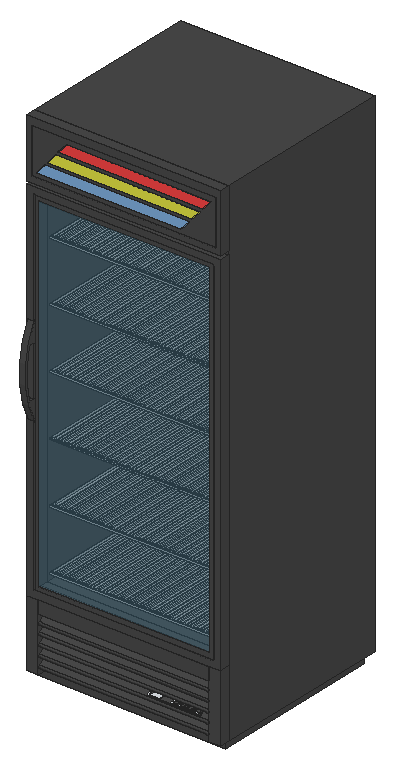
Revit family "QF_TRUE_GDM-26F-HC~TSL01", category Specialty Equipment, Revit 2016
Family settings
  Part Type = Normal
  Round Connector Dimension = Use Diameter
  Work Plane-Based = No
  Always vertical = Yes
  Cut with Voids When Loaded = No
  Shared = No
  Room Calculation Point = No
Parameters
  Weight in Pounds = 340
  Watts = if(Phase = 3, Volts * FL Amps * 1.73, Volts * FL Amps)  # 1092.5 W
  Volts = 115 V
  URL Cutsheet = ""
  Specification by User = ""
  Specification by Manufacturer = ""
  Show Logo [instance] = yes
  Show Default Legs [instance] = if(or(Show 6 Inches Standard Legs, Show 2.5 Inches Castors), or(Show 4 Inches Castors, and(Show 6 Inches Standard Legs, Show 2.5 Inches Castors), and(Show 2.5 Inches Castors, Show 6 Inches Seismic Flanged Legs)), if(Show 4 Inches Castors, Show 6 Inches Seismic Flanged Legs, not(Show 6 Inches Seismic Flanged Legs)))  # yes
  Show Clearance [instance] = yes
  Show 6 Inches Standard Legs [instance] = no
  Show 6 Inches Seismic Flanged Legs [instance] = no
  Show 4 Inches Castors [instance] = no
  Show 2.5 Inches Castors [instance] = no
  Serial Number = ""
  Seismic Rating = ""
  SMACNA No = ""
  Revision Code = ""
  Phase = 1
  Number of Poles = 1
  NAFEM Spec ID Number = ""
  Model = "GDM-26F-HC~TSL01"
  Min Ckt Ampacity = 0 A
  Max Overcurrent Protection = 0 A
  Masterspec = ""
  Manufacturer = "TRUE"
  Length = 30"
  Item Number = ""
  Installed By = ""
  Identify Quantity as Lot = yes
  Height [instance] = Body Height + Base Height  # 78 5/8"
  HP = "1"
  Furnished By = ""
  Foodservice Equipment Identifier = yes
  FL Amps = 9.5 A
  Electrical Remarks = ""
  Electric Connection Type = ""
  Elec Conn RI Height = 0"
  Elec Conn Connection Height = 0"
  Description = "SWING DOOR FREEZER WITH HYDROCARBON REFRIGERANT~TRUE STANDARD LOOK VERSION 01"
  Depth = 29 7/8"
  Cycle = 60 Hz
  Conn Plug = "NEMA 5-15P"
  Conn Conduit = yes
  CSI MasterFormat = ""
  Body Height [instance] = 78 5/16"  # constant formula
  Base Height [instance] = if(Show Default Legs, 5/16", if(Show 2.5 Inches Castors, 2 1/2", if(Show 6 Inches Standard Legs, 6", if(Show 4 Inches Castors, 4", if(Show 6 Inches Seismic Flanged Legs, 6", 5" / 16)))))  # 5/16"
  Apparent Power = if(Phase = 3, Volts * FL Amps * 1.73, Volts * FL Amps)  # 1092.5 VA
  6 Inches Standard Legs [instance] = and(Show 6 Inches Standard Legs, not(Show Default Legs))  # no
  6 Inches Seismic Flanged Legs [instance] = and(Show 6 Inches Seismic Flanged Legs, not(Show Default Legs))  # no
  4 Inches Castors [instance] = and(Show 4 Inches Castors, not(Show Default Legs))  # no
  2.5 Inches Casters [instance] = and(Show 2.5 Inches Castors, not(Show Default Legs))  # no
Reference planes (in)
  plane 1 "BACK": y = 0
  plane 2: z = 0
  plane 3 "LEFT": x = 0
  plane 4 "RIGHT": x = 30
  plane 5 "FRONT": y = -29.875
  plane 6 "TOP": z = 0.3125
  plane 7 "Center Y": x = 15
  plane 8 "Center X": y = -14.9375
  plane 9: z = 78.625
Dimensions and locks (in)
  equal spacing: plane 3 "LEFT", plane 7 "Center Y", plane 4 "RIGHT"
  "Length": plane 3 "LEFT" to plane 4 "RIGHT"
  equal spacing: plane 5 "FRONT", plane 8 "Center X", plane 1 "BACK"
  "Depth": plane 5 "FRONT" to plane 1 "BACK"
  "Base Height": plane 6 "TOP" to level
  "Body Height": plane 9 to plane 6 "TOP"
  aligned and locked: plane 2 to level
  aligned and locked: plane 6 "TOP" to nested 1
Nested families (in)
  nested 1: "GDM-26F-HC~TSL01" at (0, 0, 0), Show Clearance <- "Show Clearance", Show Logo <- "Show Logo", Show Default Legs <- "Show Default Legs", type "GDM-26F-HC~TSL01"
    with Show Logo yes, Show Default Legs yes, Show Clearance yes
  nested 2: "CASTER-LEGS" at (2.32663, -26.375, 0), Show Siesmic Flanged <- "6 Inches Seismic Flanged Legs", Show 6 Inches Legs <- "6 Inches Standard Legs", Show 4" Casters <- "4 Inches Castors", Show 2.5 Casters <- "2.5 Inches Casters", type "CASTER-LEGS"
    with Type Mark "", Status "", Specification by User "", Show Siesmic Flanged no, Show 6 Inches Legs no, Show 4" Casters no, Show 2.5 Casters no, Revision Code "", Low Profile yes, Item Number "", Installed By "", Identify Quantity as Lot yes, Furnished By "", Foodservice Equipment Identifier yes
  nested 3: "CASTER-LEGS" at (27.80099, -26.375, 0), Show Siesmic Flanged <- "6 Inches Seismic Flanged Legs", Show 6 Inches Legs <- "6 Inches Standard Legs", Show 4" Casters <- "4 Inches Castors", Show 2.5 Casters <- "2.5 Inches Casters", type "CASTER-LEGS"
    with Type Mark "", Status "", Specification by User "", Show Siesmic Flanged no, Show 6 Inches Legs no, Show 4" Casters no, Show 2.5 Casters no, Revision Code "", Low Profile yes, Item Number "", Installed By "", Identify Quantity as Lot yes, Furnished By "", Foodservice Equipment Identifier yes
  nested 4: "CASTER-LEGS" at (2.32663, -3.3125, 0), Show Siesmic Flanged <- "6 Inches Seismic Flanged Legs", Show 6 Inches Legs <- "6 Inches Standard Legs", Show 4" Casters <- "4 Inches Castors", Show 2.5 Casters <- "2.5 Inches Casters", type "CASTER-LEGS"
    with Type Mark "", Status "", Specification by User "", Show Siesmic Flanged no, Show 6 Inches Legs no, Show 4" Casters no, Show 2.5 Casters no, Revision Code "", Low Profile yes, Item Number "", Installed By "", Identify Quantity as Lot yes, Furnished By "", Foodservice Equipment Identifier yes
  nested 5: "CASTER-LEGS" at (27.80099, -3.3125, 0), Show Siesmic Flanged <- "6 Inches Seismic Flanged Legs", Show 6 Inches Legs <- "6 Inches Standard Legs", Show 4" Casters <- "4 Inches Castors", Show 2.5 Casters <- "2.5 Inches Casters", type "CASTER-LEGS"
    with Type Mark "", Status "", Specification by User "", Show Siesmic Flanged no, Show 6 Inches Legs no, Show 4" Casters no, Show 2.5 Casters no, Revision Code "", Low Profile yes, Item Number "", Installed By "", Identify Quantity as Lot yes, Furnished By "", Foodservice Equipment Identifier yes
Connectors (in)
  electrical at (23.5625, 0.32603, 5.74771), driven by "Volts", driven by "Watts"
    settings: on nested 1, index 1, voltage 115 V, apparent load 1092.5 VA, apparent load phase1 0 VA, apparent load phase2 0 VA, apparent load phase3 0 VA, power factor 1, load classification "Other", number of poles 1, system type 30, power factor state 1, is connector primary yes, connector utility no, sub classification motor no, connector description "ELECTRICAL CONNECTION"
Definition of nested family "GDM-26F-HC~TSL01"
  Parameters (values of type "GDM-26F-HC~TSL01")
    Weight in Pounds = 0
    Watts = if(Phase = 3, Volts * FL Amps * 1.73, Volts * FL Amps)  # 230 W
    Volts = 115 V
    URL Cutsheet = ""
    Specification by User = ""
    Specification by Manufacturer = ""
    Show Logo [instance] = yes
    Show Default Legs [instance] = yes
    Show Clearance [instance] = yes
    Serial Number = ""
    Seismic Rating = ""
    SMACNA No = ""
    Revision Code = ""
    Phase = 1
    Number of Poles = 1
    NAFEM Spec ID Number = ""
    Model = ""
    Min Ckt Ampacity = 0 A
    Max Overcurrent Protection = 0 A
    Materials and Finishes = none
    Masterspec = ""
    Manufacturer = ""
    Length = 30"
    Item Number = ""
    Installed By = ""
    Identify Quantity as Lot = yes
    Height = 78 5/8"
    HP = "1/4"
    Furnished By = ""
    Foodservice Equipment Identifier = yes
    FL Amps = 2 A
    Electrical Remarks = ""
    Electric Connection Type = ""
    Elec Conn RI Height = 0"
    Elec Conn Connection Height = 0"
    Description = ""
    Depth = 29 7/8"
    Cycle = 60 Hz
    Conn Plug = "5-15P"
    Conn Conduit = yes
    CSI MasterFormat = ""
    Apparent Power = if(Phase = 3, Volts * FL Amps * 1.73, Volts * FL Amps)  # 230 VA
  Reference planes (in)
    plane 1 "BACK": y = 0
    plane 2: z = 0
    plane 3 "LEFT": x = 0
    plane 4 "RIGHT": x = 30
    plane 5 "FRONT": y = -29.875
    plane 6 "TOP": z = 78.625
    plane 7 "Center Y": x = 15
    plane 8 "Center X": y = -14.9375
    plane 9: y = -31.5
    plane 10: y = -57.75
  Forms (in)
    Extrusion 1, solid, material <- "Materials and Finishes"
      sketch origin (0, -28.25, 0) x (1, 0, 0) y (0, 0, 1)
        loop
          line (0, 78.625) -> (0, 69.5094) -> (30, 69.5094) -> (30, 78.625) -> (0, 78.625)
        loop
          line (0.73362, 77.46399) -> (0.73362, 70.46399) -> (29.26638, 70.46399) -> (29.26638, 77.46399) -> (0.73362, 77.46399)
      from 1.625 to 0
    Extrusion 2, solid
      sketch origin (0, -28.25, 0) x (1, 0, 0) y (0, 0, 1)
        loop
          line (4.86851, 75.12294) -> (27.302, 75.12294) -> (28.56065, 76.62294) -> (6.12716, 76.62294) -> (4.86851, 75.12294)
      from 1.625 to 0
    Extrusion 3, solid, material <- "Materials and Finishes"
      sketch origin (0, -28.25, 0) x (1, 0, 0) y (0, 0, 1)
        loop
          line (0.73362, 77.46399) -> (0.73362, 70.46399) -> (29.26638, 70.46399) -> (29.26638, 77.46399) -> (0.73362, 77.46399)
        loop
          line (4.86851, 75.12294) -> (27.302, 75.12294) -> (28.56065, 76.62294) -> (6.12716, 76.62294) -> (4.86851, 75.12294)
        loop
          line (3.19031, 73.12294) -> (25.6238, 73.12294) -> (26.88245, 74.62294) -> (4.44896, 74.62294) -> (3.19031, 73.12294)
        loop
          line (1.51211, 71.12294) -> (23.9456, 71.12294) -> (25.20425, 72.62294) -> (2.77076, 72.62294) -> (1.51211, 71.12294)
      from 1.625 to 0
    Extrusion 4, solid
      sketch origin (0, -28.25, 0) x (1, 0, 0) y (0, 0, 1)
        loop
          line (3.19031, 73.12294) -> (25.6238, 73.12294) -> (26.88245, 74.62294) -> (4.44896, 74.62294) -> (3.19031, 73.12294)
      from 1.625 to 0
    Extrusion 5, solid
      sketch origin (0, -28.25, 0) x (1, 0, 0) y (0, 0, 1)
        loop
          line (1.51211, 71.12294) -> (23.9456, 71.12294) -> (25.20425, 72.62294) -> (2.77076, 72.62294) -> (1.51211, 71.12294)
      from 1.625 to 0
    Extrusion 6, solid, material <- "Materials and Finishes"
      sketch origin (0, -28.25, 0) x (1, 0, 0) y (0, 0, 1)
        loop
          line (0, 11.86572) -> (0, 1.46319) -> (1.73646, 1.46319) -> (1.73646, 11.86572) -> (0, 11.86572)
        loop
          line (30, 11.86572) -> (28.26354, 11.86572) -> (28.26354, 1.46319) -> (30, 1.46319) -> (30, 11.86572)
      from 0 to 1.625
    Extrusion 7, solid, material <- "Materials and Finishes"
      sketch origin (0, -28.25, 0) x (1, 0, 0) y (0, 0, 1)
        loop
          line (1.73646, 11.86572) -> (1.73646, 9.96741) -> (28.26354, 9.96741) -> (28.26354, 11.86572) -> (1.73646, 11.86572)
      from 0 to 1.625
    Extrusion 8, solid, material <- "Materials and Finishes"
      sketch origin (0, -28.25, 0) x (1, 0, 0) y (0, 0, 1)
        loop
          line (0, 11.86572) -> (30, 11.86572) -> (30, 69.0094) -> (0, 69.0094) -> (0, 11.86572)
        loop
          line (28.91281, 12.99299) -> (28.91281, 68.01433) -> (1.08719, 68.01433) -> (1.08719, 12.99299) -> (28.91281, 12.99299)
      from 1.625 to 0
    Extrusion 9, solid, material <- "Materials and Finishes"
      sketch origin (0, -28.25, 0) x (1, 0, 0) y (0, 0, 1)
        loop
          line (28.91281, 12.99299) -> (28.91281, 68.01433) -> (1.08719, 68.01433) -> (1.08719, 12.99299) -> (28.91281, 12.99299)
        loop
          line (1.79031, 67.3112) -> (1.79031, 13.69484) -> (28.20969, 13.69484) -> (28.20969, 67.3112) -> (1.79031, 67.3112)
      from 1.50681 to 0
    Extrusion 10, solid
      sketch origin (0, -29.75681, 0) x (1, 0, 0) y (0, 0, 1)
        loop
          line (1.79031, 67.3112) -> (1.79031, 13.69484) -> (28.20969, 13.69484) -> (28.20969, 67.3112) -> (1.79031, 67.3112)
      from -0.25 to 0
    Extrusion 11, solid, material <- "Materials and Finishes"
      sketch origin (0, 0, 0) x (-1, 0, 0) y (0, 0, 1)
        loop
          line (-28.91281, 12.99299) -> (-1.08719, 12.99299) -> (-1.08719, 69.5094) -> (-28.91281, 69.5094) -> (-28.91281, 12.99299)
      from 0 to -0.25
    Extrusion 12, solid, material <- "Materials and Finishes"
      sketch origin (1.73646, -28.25, 11.86572) x (0, 0, -1) y (0, 1, 0)
        loop
          line (2.03924, 0) -> (3.06492, -1.52063)
          arc (3.06492, -1.52063) -> (3.41198, -1.58809) -> (3.47944, -1.24104) r 0.25
          line (3.47944, -1.24104) -> (2.64235, 0) -> (2.03924, 0)
        loop
          line (3.54027, 0) -> (4.55915, -1.51056)
          arc (4.55915, -1.51056) -> (4.90621, -1.57802) -> (4.97367, -1.23097) r 0.25
          line (4.97367, -1.23097) -> (4.14338, 0) -> (3.54027, 0)
        loop
          line (5.05723, 0) -> (6.0793, -1.51528)
          arc (6.0793, -1.51528) -> (6.42636, -1.58275) -> (6.49382, -1.23569) r 0.25
          line (6.49382, -1.23569) -> (5.66034, 0) -> (5.05723, 0)
        loop
          line (6.57419, 0) -> (7.59444, -1.51258)
          arc (7.59444, -1.51258) -> (7.9415, -1.58004) -> (8.00896, -1.23298) r 0.25
          line (8.00896, -1.23298) -> (7.1773, 0) -> (6.57419, 0)
        loop
          line (8.09115, 0) -> (9.11232, -1.51395)
          arc (9.11232, -1.51395) -> (9.45938, -1.58141) -> (9.52684, -1.23435) r 0.25
          line (9.52684, -1.23435) -> (8.69426, 0) -> (8.09115, 0)
      from 0 to 26.52708
    Extrusion 13, solid, material <- "Materials and Finishes"
      sketch origin (0, 1.625, 0) x (1, 0, 0) y (0, 0, 1)
        loop
          line (0.39673, 0.3125) -> (29.60327, 0.3125) -> (29.60327, 1.6875) -> (0.39673, 1.6875) -> (0.39673, 0.3125)
      from 3.25 to 29.875
    Revolve 14, solid, material <- "Materials and Finishes", visible <- "Show Default Legs"
      sketch origin (0, -26.375, 0) x (1, 0, 0) y (0, 0, 1)
        loop
          line (1.38444, 0) -> (2.32663, 0) -> (2.32663, 0.3125) -> (1.38444, 0.3125) -> (1.38444, 0)
        axis (2.32663, 0) -> (2.32663, 0.3125)
      angle from 0 to 360
    Revolve 15, solid, material <- "Materials and Finishes", visible <- "Show Default Legs"
      sketch origin (0, -3.3125, 0) x (1, 0, 0) y (0, 0, -1)
        loop
          line (1.38444, 0) -> (1.38444, -0.3125) -> (2.32663, -0.3125) -> (2.32663, 0) -> (1.38444, 0)
        axis (2.32663, 0) -> (2.32663, -0.3125)
      angle from 0 to 360
    Extrusion 16, solid, material <- "Materials and Finishes"
      sketch origin (0, 0, 0) x (-1, 0, 0) y (0, 0, 1)
        loop
          circle (-23.5625, 5.74771) r 0.5
      from 0 to 0.32603
    Revolve 17, solid, material <- "Materials and Finishes", visible <- "Show Default Legs"
      sketch origin (30.12762, -26.375, 0) x (-1, 0, 0) y (0, 0, 1)
        loop
          line (1.38444, 0) -> (2.32663, 0) -> (2.32663, 0.3125) -> (1.38444, 0.3125) -> (1.38444, 0)
        axis (2.32663, 0) -> (2.32663, 0.3125)
      angle from 0 to 360
    Revolve 18, solid, material <- "Materials and Finishes", visible <- "Show Default Legs"
      sketch origin (30.12762, -3.3125, 0) x (-1, 0, 0) y (0, 0, 1)
        loop
          line (1.38444, 0) -> (2.32663, 0) -> (2.32663, 0.3125) -> (1.38444, 0.3125) -> (1.38444, 0)
        axis (2.32663, 0) -> (2.32663, 0.3125)
      angle from 0 to 360
    Extrusion 19, solid, material <- "Materials and Finishes"
      sketch origin (-21.08055, -9.07209, 2.26089) x (0, 1, 0) y (0, 0, 1)
        loop
          arc (-20.70916, 48.37123) -> (-22.42791, 41.18624) -> (-20.70916, 34.00125) r 15.87728
          line (-20.70916, 34.00125) -> (-20.70916, 37.28351) -> (-21.42204, 37.28351)
          arc (-21.42204, 37.28351) -> (-21.59429, 37.34185) -> (-21.69564, 37.49287) r 0.28347
          arc (-21.69564, 37.49287) -> (-22.19319, 41.21217) -> (-21.70658, 44.93293) r 14.30744
          arc (-21.70658, 44.93293) -> (-21.63141, 45.04547) -> (-21.50325, 45.08898) r 0.21048
          line (-21.50325, 45.08898) -> (-20.70916, 45.08898) -> (-20.70916, 48.37123)
      from 21.28857 to 22.16773
    Extrusion 20, solid, material <- "Materials and Finishes"
      sketch origin (0, 1.625, 0) x (1, 0, 0) y (0, 0, 1)
        loop
          line (0, 78.625) -> (0, 1.46319) -> (30, 1.46319) -> (30, 78.625) -> (0, 78.625)
        loop
          line (1.08719, 69.5094) -> (1.08719, 12.99299) -> (28.91281, 12.99299) -> (28.91281, 69.5094) -> (1.08719, 69.5094)
      from 1.625 to 29.875
    Extrusion 21, solid, visible <- "Show Clearance", detail levels coarse
      sketch origin (0, 0, 0) x (1, 0, 0) y (0, 1, 0)
        loop
          line (30, -29.875) -> (0, -29.875)
          arc (0, -29.875) -> (9.19119, -50.06413) -> (30, -57.75) r 28.8313
          line (30, -57.75) -> (30, -29.875)
      from 69.0094 to 11.86572
    Extrusion 22, solid
      sketch origin (-7.62016, -176.1875, 14) x (-1, 0, 0) y (0, -1, 0)
        loop
          line (-8.70735, -149.1875) -> (-36.53297, -149.1875) -> (-36.53297, -174.77646) -> (-8.70735, -174.77646) -> (-8.70735, -149.1875)
        loop
          line (-8.95735, -149.4375) -> (-36.28297, -149.4375) -> (-36.28297, -174.49934) -> (-8.95735, -174.49934) -> (-8.95735, -149.4375)
      from 0 to 0.25
    Extrusion 23, solid
      sketch origin (-0.66281, -4.875, -12.48438) x (1, 0, 0) y (0, 0, 1)
        loop
          circle (10.1875, 26.73438) r 0.125
        loop
          circle (9.6875, 26.73438) r 0.125
        loop
          circle (9.1875, 26.73438) r 0.125
        loop
          circle (8.6875, 26.73438) r 0.125
        loop
          circle (8.1875, 26.73438) r 0.125
        loop
          circle (7.6875, 26.73438) r 0.125
        loop
          circle (7.1875, 26.73438) r 0.125
        loop
          circle (6.6875, 26.73438) r 0.125
        loop
          circle (6.1875, 26.73438) r 0.125
        loop
          circle (5.6875, 26.73438) r 0.125
        loop
          circle (5.1875, 26.73438) r 0.125
        loop
          circle (4.6875, 26.73438) r 0.125
        loop
          circle (4.1875, 26.73438) r 0.125
        loop
          circle (3.6875, 26.73438) r 0.125
        loop
          circle (3.1875, 26.73438) r 0.125
        loop
          circle (2.6875, 26.73438) r 0.125
        loop
          circle (10.6875, 26.73438) r 0.125
        loop
          circle (11.1875, 26.73438) r 0.125
        loop
          circle (11.6875, 26.73438) r 0.125
        loop
          circle (12.1875, 26.73438) r 0.125
        loop
          circle (12.6875, 26.73438) r 0.125
        loop
          circle (13.1875, 26.73438) r 0.125
        loop
          circle (13.6875, 26.73438) r 0.125
        loop
          circle (14.1875, 26.73438) r 0.125
        loop
          circle (14.6875, 26.73438) r 0.125
        loop
          circle (15.1875, 26.73438) r 0.125
        loop
          circle (15.6875, 26.73438) r 0.125
        loop
          circle (16.1875, 26.73438) r 0.125
        loop
          circle (16.6875, 26.73438) r 0.125
        loop
          circle (17.1875, 26.73438) r 0.125
        loop
          circle (17.6875, 26.73438) r 0.125
        loop
          circle (18.1875, 26.73438) r 0.125
        loop
          circle (26.1875, 26.73438) r 0.125
        loop
          circle (25.6875, 26.73438) r 0.125
        loop
          circle (25.1875, 26.73438) r 0.125
        loop
          circle (24.6875, 26.73438) r 0.125
        loop
          circle (24.1875, 26.73438) r 0.125
        loop
          circle (23.6875, 26.73438) r 0.125
        loop
          circle (23.1875, 26.73438) r 0.125
        loop
          circle (22.6875, 26.73438) r 0.125
        loop
          circle (22.1875, 26.73438) r 0.125
        loop
          circle (21.6875, 26.73438) r 0.125
        loop
          circle (21.1875, 26.73438) r 0.125
        loop
          circle (20.6875, 26.73438) r 0.125
        loop
          circle (20.1875, 26.73438) r 0.125
        loop
          circle (19.6875, 26.73438) r 0.125
        loop
          circle (19.1875, 26.73438) r 0.125
        loop
          circle (18.6875, 26.73438) r 0.125
        loop
          circle (26.6875, 26.73438) r 0.125
        loop
          circle (27.1875, 26.73438) r 0.125
        loop
          circle (27.6875, 26.73438) r 0.125
        loop
          circle (28.1875, 26.73438) r 0.125
        loop
          circle (28.6875, 26.73438) r 0.125
      from -3.18684 to 21.875
    Extrusion 24, solid
      sketch origin (-7.62016, -176.1875, 23.33607) x (-1, 0, 0) y (0, -1, 0)
        loop
          line (-8.70735, -149.1875) -> (-36.53297, -149.1875) -> (-36.53297, -174.77646) -> (-8.70735, -174.77646) -> (-8.70735, -149.1875)
        loop
          line (-8.95735, -149.4375) -> (-36.28297, -149.4375) -> (-36.28297, -174.49934) -> (-8.95735, -174.49934) -> (-8.95735, -149.4375)
      from 0 to 0.25
    Extrusion 25, solid
      sketch origin (-0.66281, -4.875, -3.14831) x (1, 0, 0) y (0, 0, 1)
        loop
          circle (10.1875, 26.73438) r 0.125
        loop
          circle (9.6875, 26.73438) r 0.125
        loop
          circle (9.1875, 26.73438) r 0.125
        loop
          circle (8.6875, 26.73438) r 0.125
        loop
          circle (8.1875, 26.73438) r 0.125
        loop
          circle (7.6875, 26.73438) r 0.125
        loop
          circle (7.1875, 26.73438) r 0.125
        loop
          circle (6.6875, 26.73438) r 0.125
        loop
          circle (6.1875, 26.73438) r 0.125
        loop
          circle (5.6875, 26.73438) r 0.125
        loop
          circle (5.1875, 26.73438) r 0.125
        loop
          circle (4.6875, 26.73438) r 0.125
        loop
          circle (4.1875, 26.73438) r 0.125
        loop
          circle (3.6875, 26.73438) r 0.125
        loop
          circle (3.1875, 26.73438) r 0.125
        loop
          circle (2.6875, 26.73438) r 0.125
        loop
          circle (10.6875, 26.73438) r 0.125
        loop
          circle (11.1875, 26.73438) r 0.125
        loop
          circle (11.6875, 26.73438) r 0.125
        loop
          circle (12.1875, 26.73438) r 0.125
        loop
          circle (12.6875, 26.73438) r 0.125
        loop
          circle (13.1875, 26.73438) r 0.125
        loop
          circle (13.6875, 26.73438) r 0.125
        loop
          circle (14.1875, 26.73438) r 0.125
        loop
          circle (14.6875, 26.73438) r 0.125
        loop
          circle (15.1875, 26.73438) r 0.125
        loop
          circle (15.6875, 26.73438) r 0.125
        loop
          circle (16.1875, 26.73438) r 0.125
        loop
          circle (16.6875, 26.73438) r 0.125
        loop
          circle (17.1875, 26.73438) r 0.125
        loop
          circle (17.6875, 26.73438) r 0.125
        loop
          circle (18.1875, 26.73438) r 0.125
        loop
          circle (26.1875, 26.73438) r 0.125
        loop
          circle (25.6875, 26.73438) r 0.125
        loop
          circle (25.1875, 26.73438) r 0.125
        loop
          circle (24.6875, 26.73438) r 0.125
        loop
          circle (24.1875, 26.73438) r 0.125
        loop
          circle (23.6875, 26.73438) r 0.125
        loop
          circle (23.1875, 26.73438) r 0.125
        loop
          circle (22.6875, 26.73438) r 0.125
        loop
          circle (22.1875, 26.73438) r 0.125
        loop
          circle (21.6875, 26.73438) r 0.125
        loop
          circle (21.1875, 26.73438) r 0.125
        loop
          circle (20.6875, 26.73438) r 0.125
        loop
          circle (20.1875, 26.73438) r 0.125
        loop
          circle (19.6875, 26.73438) r 0.125
        loop
          circle (19.1875, 26.73438) r 0.125
        loop
          circle (18.6875, 26.73438) r 0.125
        loop
          circle (26.6875, 26.73438) r 0.125
        loop
          circle (27.1875, 26.73438) r 0.125
        loop
          circle (27.6875, 26.73438) r 0.125
        loop
          circle (28.1875, 26.73438) r 0.125
        loop
          circle (28.6875, 26.73438) r 0.125
      from -3.18684 to 21.875
    Extrusion 26, solid
      sketch origin (-7.62016, -176.1875, 32.67214) x (-1, 0, 0) y (0, -1, 0)
        loop
          line (-8.70735, -149.1875) -> (-36.53297, -149.1875) -> (-36.53297, -174.77646) -> (-8.70735, -174.77646) -> (-8.70735, -149.1875)
        loop
          line (-8.95735, -149.4375) -> (-36.28297, -149.4375) -> (-36.28297, -174.49934) -> (-8.95735, -174.49934) -> (-8.95735, -149.4375)
      from 0 to 0.25
    Extrusion 27, solid
      sketch origin (-0.66281, -4.875, 6.18776) x (1, 0, 0) y (0, 0, 1)
        loop
          circle (10.1875, 26.73438) r 0.125
        loop
          circle (9.6875, 26.73438) r 0.125
        loop
          circle (9.1875, 26.73438) r 0.125
        loop
          circle (8.6875, 26.73438) r 0.125
        loop
          circle (8.1875, 26.73438) r 0.125
        loop
          circle (7.6875, 26.73438) r 0.125
        loop
          circle (7.1875, 26.73438) r 0.125
        loop
          circle (6.6875, 26.73438) r 0.125
        loop
          circle (6.1875, 26.73438) r 0.125
        loop
          circle (5.6875, 26.73438) r 0.125
        loop
          circle (5.1875, 26.73438) r 0.125
        loop
          circle (4.6875, 26.73438) r 0.125
        loop
          circle (4.1875, 26.73438) r 0.125
        loop
          circle (3.6875, 26.73438) r 0.125
        loop
          circle (3.1875, 26.73438) r 0.125
        loop
          circle (2.6875, 26.73438) r 0.125
        loop
          circle (10.6875, 26.73438) r 0.125
        loop
          circle (11.1875, 26.73438) r 0.125
        loop
          circle (11.6875, 26.73438) r 0.125
        loop
          circle (12.1875, 26.73438) r 0.125
        loop
          circle (12.6875, 26.73438) r 0.125
        loop
          circle (13.1875, 26.73438) r 0.125
        loop
          circle (13.6875, 26.73438) r 0.125
        loop
          circle (14.1875, 26.73438) r 0.125
        loop
          circle (14.6875, 26.73438) r 0.125
        loop
          circle (15.1875, 26.73438) r 0.125
        loop
          circle (15.6875, 26.73438) r 0.125
        loop
          circle (16.1875, 26.73438) r 0.125
        loop
          circle (16.6875, 26.73438) r 0.125
        loop
          circle (17.1875, 26.73438) r 0.125
        loop
          circle (17.6875, 26.73438) r 0.125
        loop
          circle (18.1875, 26.73438) r 0.125
        loop
          circle (26.1875, 26.73438) r 0.125
        loop
          circle (25.6875, 26.73438) r 0.125
        loop
          circle (25.1875, 26.73438) r 0.125
        loop
          circle (24.6875, 26.73438) r 0.125
        loop
          circle (24.1875, 26.73438) r 0.125
        loop
          circle (23.6875, 26.73438) r 0.125
        loop
          circle (23.1875, 26.73438) r 0.125
        loop
          circle (22.6875, 26.73438) r 0.125
        loop
          circle (22.1875, 26.73438) r 0.125
        loop
          circle (21.6875, 26.73438) r 0.125
        loop
          circle (21.1875, 26.73438) r 0.125
        loop
          circle (20.6875, 26.73438) r 0.125
        loop
          circle (20.1875, 26.73438) r 0.125
        loop
          circle (19.6875, 26.73438) r 0.125
        loop
          circle (19.1875, 26.73438) r 0.125
        loop
          circle (18.6875, 26.73438) r 0.125
        loop
          circle (26.6875, 26.73438) r 0.125
        loop
          circle (27.1875, 26.73438) r 0.125
        loop
          circle (27.6875, 26.73438) r 0.125
        loop
          circle (28.1875, 26.73438) r 0.125
        loop
          circle (28.6875, 26.73438) r 0.125
      from -3.18684 to 21.875
    Extrusion 28, solid
      sketch origin (-7.62016, -176.1875, 42.0082) x (-1, 0, 0) y (0, -1, 0)
        loop
          line (-8.70735, -149.1875) -> (-36.53297, -149.1875) -> (-36.53297, -174.77646) -> (-8.70735, -174.77646) -> (-8.70735, -149.1875)
        loop
          line (-8.95735, -149.4375) -> (-36.28297, -149.4375) -> (-36.28297, -174.49934) -> (-8.95735, -174.49934) -> (-8.95735, -149.4375)
      from 0 to 0.25
    Extrusion 29, solid
      sketch origin (-0.66281, -4.875, 15.52383) x (1, 0, 0) y (0, 0, 1)
        loop
          circle (10.1875, 26.73438) r 0.125
        loop
          circle (9.6875, 26.73438) r 0.125
        loop
          circle (9.1875, 26.73438) r 0.125
        loop
          circle (8.6875, 26.73438) r 0.125
        loop
          circle (8.1875, 26.73438) r 0.125
        loop
          circle (7.6875, 26.73438) r 0.125
        loop
          circle (7.1875, 26.73438) r 0.125
        loop
          circle (6.6875, 26.73438) r 0.125
        loop
          circle (6.1875, 26.73438) r 0.125
        loop
          circle (5.6875, 26.73438) r 0.125
        loop
          circle (5.1875, 26.73438) r 0.125
        loop
          circle (4.6875, 26.73438) r 0.125
        loop
          circle (4.1875, 26.73438) r 0.125
        loop
          circle (3.6875, 26.73438) r 0.125
        loop
          circle (3.1875, 26.73438) r 0.125
        loop
          circle (2.6875, 26.73438) r 0.125
        loop
          circle (10.6875, 26.73438) r 0.125
        loop
          circle (11.1875, 26.73438) r 0.125
        loop
          circle (11.6875, 26.73438) r 0.125
        loop
          circle (12.1875, 26.73438) r 0.125
        loop
          circle (12.6875, 26.73438) r 0.125
        loop
          circle (13.1875, 26.73438) r 0.125
        loop
          circle (13.6875, 26.73438) r 0.125
        loop
          circle (14.1875, 26.73438) r 0.125
        loop
          circle (14.6875, 26.73438) r 0.125
        loop
          circle (15.1875, 26.73438) r 0.125
        loop
          circle (15.6875, 26.73438) r 0.125
        loop
          circle (16.1875, 26.73438) r 0.125
        loop
          circle (16.6875, 26.73438) r 0.125
        loop
          circle (17.1875, 26.73438) r 0.125
        loop
          circle (17.6875, 26.73438) r 0.125
        loop
          circle (18.1875, 26.73438) r 0.125
        loop
          circle (26.1875, 26.73438) r 0.125
        loop
          circle (25.6875, 26.73438) r 0.125
        loop
          circle (25.1875, 26.73438) r 0.125
        loop
          circle (24.6875, 26.73438) r 0.125
        loop
          circle (24.1875, 26.73438) r 0.125
        loop
          circle (23.6875, 26.73438) r 0.125
        loop
          circle (23.1875, 26.73438) r 0.125
        loop
          circle (22.6875, 26.73438) r 0.125
        loop
          circle (22.1875, 26.73438) r 0.125
        loop
          circle (21.6875, 26.73438) r 0.125
        loop
          circle (21.1875, 26.73438) r 0.125
        loop
          circle (20.6875, 26.73438) r 0.125
        loop
          circle (20.1875, 26.73438) r 0.125
        loop
          circle (19.6875, 26.73438) r 0.125
        loop
          circle (19.1875, 26.73438) r 0.125
        loop
          circle (18.6875, 26.73438) r 0.125
        loop
          circle (26.6875, 26.73438) r 0.125
        loop
          circle (27.1875, 26.73438) r 0.125
        loop
          circle (27.6875, 26.73438) r 0.125
        loop
          circle (28.1875, 26.73438) r 0.125
        loop
          circle (28.6875, 26.73438) r 0.125
      from -3.18684 to 21.875
    Extrusion 30, solid
      sketch origin (-7.62016, -176.1875, 51.34427) x (-1, 0, 0) y (0, -1, 0)
        loop
          line (-8.70735, -149.1875) -> (-36.53297, -149.1875) -> (-36.53297, -174.77646) -> (-8.70735, -174.77646) -> (-8.70735, -149.1875)
        loop
          line (-8.95735, -149.4375) -> (-36.28297, -149.4375) -> (-36.28297, -174.49934) -> (-8.95735, -174.49934) -> (-8.95735, -149.4375)
      from 0 to 0.25
    Extrusion 31, solid
      sketch origin (-0.66281, -4.875, 24.85989) x (1, 0, 0) y (0, 0, 1)
        loop
          circle (10.1875, 26.73438) r 0.125
        loop
          circle (9.6875, 26.73438) r 0.125
        loop
          circle (9.1875, 26.73438) r 0.125
        loop
          circle (8.6875, 26.73438) r 0.125
        loop
          circle (8.1875, 26.73438) r 0.125
        loop
          circle (7.6875, 26.73438) r 0.125
        loop
          circle (7.1875, 26.73438) r 0.125
        loop
          circle (6.6875, 26.73438) r 0.125
        loop
          circle (6.1875, 26.73438) r 0.125
        loop
          circle (5.6875, 26.73438) r 0.125
        loop
          circle (5.1875, 26.73438) r 0.125
        loop
          circle (4.6875, 26.73438) r 0.125
        loop
          circle (4.1875, 26.73438) r 0.125
        loop
          circle (3.6875, 26.73438) r 0.125
        loop
          circle (3.1875, 26.73438) r 0.125
        loop
          circle (2.6875, 26.73438) r 0.125
        loop
          circle (10.6875, 26.73438) r 0.125
        loop
          circle (11.1875, 26.73438) r 0.125
        loop
          circle (11.6875, 26.73438) r 0.125
        loop
          circle (12.1875, 26.73438) r 0.125
        loop
          circle (12.6875, 26.73438) r 0.125
        loop
          circle (13.1875, 26.73438) r 0.125
        loop
          circle (13.6875, 26.73438) r 0.125
        loop
          circle (14.1875, 26.73438) r 0.125
        loop
          circle (14.6875, 26.73438) r 0.125
        loop
          circle (15.1875, 26.73438) r 0.125
        loop
          circle (15.6875, 26.73438) r 0.125
        loop
          circle (16.1875, 26.73438) r 0.125
        loop
          circle (16.6875, 26.73438) r 0.125
        loop
          circle (17.1875, 26.73438) r 0.125
        loop
          circle (17.6875, 26.73438) r 0.125
        loop
          circle (18.1875, 26.73438) r 0.125
        loop
          circle (26.1875, 26.73438) r 0.125
        loop
          circle (25.6875, 26.73438) r 0.125
        loop
          circle (25.1875, 26.73438) r 0.125
        loop
          circle (24.6875, 26.73438) r 0.125
        loop
          circle (24.1875, 26.73438) r 0.125
        loop
          circle (23.6875, 26.73438) r 0.125
        loop
          circle (23.1875, 26.73438) r 0.125
        loop
          circle (22.6875, 26.73438) r 0.125
        loop
          circle (22.1875, 26.73438) r 0.125
        loop
          circle (21.6875, 26.73438) r 0.125
        loop
          circle (21.1875, 26.73438) r 0.125
        loop
          circle (20.6875, 26.73438) r 0.125
        loop
          circle (20.1875, 26.73438) r 0.125
        loop
          circle (19.6875, 26.73438) r 0.125
        loop
          circle (19.1875, 26.73438) r 0.125
        loop
          circle (18.6875, 26.73438) r 0.125
        loop
          circle (26.6875, 26.73438) r 0.125
        loop
          circle (27.1875, 26.73438) r 0.125
        loop
          circle (27.6875, 26.73438) r 0.125
        loop
          circle (28.1875, 26.73438) r 0.125
        loop
          circle (28.6875, 26.73438) r 0.125
      from -3.18684 to 21.875
    Extrusion 32, solid
      sketch origin (-7.62016, -176.1875, 60.68034) x (-1, 0, 0) y (0, -1, 0)
        loop
          line (-8.70735, -149.1875) -> (-36.53297, -149.1875) -> (-36.53297, -174.77646) -> (-8.70735, -174.77646) -> (-8.70735, -149.1875)
        loop
          line (-8.95735, -149.4375) -> (-36.28297, -149.4375) -> (-36.28297, -174.49934) -> (-8.95735, -174.49934) -> (-8.95735, -149.4375)
      from 0 to 0.25
    Extrusion 33, solid
      sketch origin (-0.66281, -4.875, 34.19596) x (1, 0, 0) y (0, 0, 1)
        loop
          circle (10.1875, 26.73438) r 0.125
        loop
          circle (9.6875, 26.73438) r 0.125
        loop
          circle (9.1875, 26.73438) r 0.125
        loop
          circle (8.6875, 26.73438) r 0.125
        loop
          circle (8.1875, 26.73438) r 0.125
        loop
          circle (7.6875, 26.73438) r 0.125
        loop
          circle (7.1875, 26.73438) r 0.125
        loop
          circle (6.6875, 26.73438) r 0.125
        loop
          circle (6.1875, 26.73438) r 0.125
        loop
          circle (5.6875, 26.73438) r 0.125
        loop
          circle (5.1875, 26.73438) r 0.125
        loop
          circle (4.6875, 26.73438) r 0.125
        loop
          circle (4.1875, 26.73438) r 0.125
        loop
          circle (3.6875, 26.73438) r 0.125
        loop
          circle (3.1875, 26.73438) r 0.125
        loop
          circle (2.6875, 26.73438) r 0.125
        loop
          circle (10.6875, 26.73438) r 0.125
        loop
          circle (11.1875, 26.73438) r 0.125
        loop
          circle (11.6875, 26.73438) r 0.125
        loop
          circle (12.1875, 26.73438) r 0.125
        loop
          circle (12.6875, 26.73438) r 0.125
        loop
          circle (13.1875, 26.73438) r 0.125
        loop
          circle (13.6875, 26.73438) r 0.125
        loop
          circle (14.1875, 26.73438) r 0.125
        loop
          circle (14.6875, 26.73438) r 0.125
        loop
          circle (15.1875, 26.73438) r 0.125
        loop
          circle (15.6875, 26.73438) r 0.125
        loop
          circle (16.1875, 26.73438) r 0.125
        loop
          circle (16.6875, 26.73438) r 0.125
        loop
          circle (17.1875, 26.73438) r 0.125
        loop
          circle (17.6875, 26.73438) r 0.125
        loop
          circle (18.1875, 26.73438) r 0.125
        loop
          circle (26.1875, 26.73438) r 0.125
        loop
          circle (25.6875, 26.73438) r 0.125
        loop
          circle (25.1875, 26.73438) r 0.125
        loop
          circle (24.6875, 26.73438) r 0.125
        loop
          circle (24.1875, 26.73438) r 0.125
        loop
          circle (23.6875, 26.73438) r 0.125
        loop
          circle (23.1875, 26.73438) r 0.125
        loop
          circle (22.6875, 26.73438) r 0.125
        loop
          circle (22.1875, 26.73438) r 0.125
        loop
          circle (21.6875, 26.73438) r 0.125
        loop
          circle (21.1875, 26.73438) r 0.125
        loop
          circle (20.6875, 26.73438) r 0.125
        loop
          circle (20.1875, 26.73438) r 0.125
        loop
          circle (19.6875, 26.73438) r 0.125
        loop
          circle (19.1875, 26.73438) r 0.125
        loop
          circle (18.6875, 26.73438) r 0.125
        loop
          circle (26.6875, 26.73438) r 0.125
        loop
          circle (27.1875, 26.73438) r 0.125
        loop
          circle (27.6875, 26.73438) r 0.125
        loop
          circle (28.1875, 26.73438) r 0.125
        loop
          circle (28.6875, 26.73438) r 0.125
      from -3.18684 to 21.875
  Lines and regions (in)
    symbolic lines
      curve 1: arc (0, -29.875, 0) -> (1.29176, -37.52482, 0) -> (4.57651, -44.55326, 0) r 28.8313
      curve 2: line (4.57651, -44.55326, 0) -> (30, -29.875, 0)
      curve 3: line (0.20802, -31.5, 0) -> (1.08719, -31.5, 0)
      curve 4: line (1.08719, -31.5, 0) -> (1.08719, -29.875, 0)
      curve 5: line (0.20802, -31.5, 0) -> (0.20802, -29.875, 0)
      curve 6: line (0, -29.875, 0) -> (30, -29.875, 0)
      curve 7: line (30, 0, 0) -> (0, 0, 0)
      curve 8: line (0, 0, 0) -> (0, -29.875, 0)
      curve 9: line (30, -29.875, 0) -> (30, 0, 0)
      curve 10: line (0, -28.25, 0) -> (30, -28.25, 0)
  Dimensions and locks (in)
    equal spacing: plane 3 "LEFT", plane 7 "Center Y", plane 4 "RIGHT"
    "Length": plane 3 "LEFT" to plane 4 "RIGHT"
    equal spacing: plane 5 "FRONT", plane 8 "Center X", plane 1 "BACK"
    "Depth": plane 5 "FRONT" to plane 1 "BACK"
    plane 5 "FRONT" to plane 1 "BACK" = 29 7/8"
    plane 4 "RIGHT" to plane 3 "LEFT" = 30"
    plane 9 to plane 1 "BACK" = 31 1/2"
    plane 10 to plane 1 "BACK" = 57 3/4"
    plane 1 "BACK" to plane 9 = 31 1/2"
    aligned and locked: plane 2 to level
  Automatic sketch dimensions
    Extrusion 2 sketch curve to Extrusion 2 sketch curve = 1.25865"
    Extrusion 2 sketch curve to Extrusion 2 sketch curve = 1 1/2"
    Extrusion 3 sketch curve to Extrusion 3 sketch curve = 0.41955"  (x4)
    Extrusion 3 sketch curve to Extrusion 3 sketch curve = 1.25865"  (x5)
    Extrusion 3 sketch curve to Extrusion 3 sketch curve = 1 1/2"  (x3)
    Extrusion 3 sketch curve to Extrusion 3 sketch curve = 1/2"  (x2)
    Extrusion 4 sketch curve to Extrusion 4 sketch curve = 1.25865"  (x2)
    Extrusion 4 sketch curve to Extrusion 4 sketch curve = 1 1/2"
    Extrusion 5 sketch curve to Extrusion 5 sketch curve = 1.25865"  (x2)
    Extrusion 5 sketch curve to Extrusion 5 sketch curve = 1 1/2"
    Extrusion 8 sketch curve to plane 3 "LEFT" = 0"
    plane 4 "RIGHT" to Extrusion 8 sketch curve = 0"
    plane 3 "LEFT" to Extrusion 8 sketch curve = 1.08719"
    plane 4 "RIGHT" to Extrusion 8 sketch curve = 1.08719"
    Extrusion 8 sketch curve to Extrusion 8 sketch curve = 1.12728"
    Extrusion 8 sketch curve to plane 6 "TOP" = 10.61067"
    Extrusion 8 sketch curve to Extrusion 8 sketch curve = 0.99507"
    Extrusion 10 sketch curve to Extrusion 9 = 0"  (x3)
    plane 3 "LEFT" to Extrusion 13 sketch curve = 0.39673"
    plane 4 "RIGHT" to Extrusion 13 sketch curve = 0.39673"
    Revolve 14 sketch curve to level = 0"
    plane 3 "LEFT" to Revolve 14 sketch curve = 1.38444"
    Revolve 14 sketch curve to Revolve 14 sketch curve = 0.94219"
    Revolve 14 sketch curve to Revolve 14 sketch curve = 0"  (x2)
    Revolve 15 sketch curve to level = 0"
    plane 3 "LEFT" to Revolve 15 sketch curve = 1.38444"
    Revolve 15 sketch curve to Revolve 15 sketch curve = 0.94219"
    Revolve 15 sketch curve to Revolve 15 sketch curve = 0"  (x2)
    Revolve 17 sketch curve to level = 0"
    Revolve 17 sketch curve to plane 4 "RIGHT" = 1.25683"
    Revolve 17 sketch curve to Revolve 17 sketch curve = 0.94219"
    Revolve 17 sketch curve to Revolve 17 sketch curve = 0"  (x2)
    Revolve 18 sketch curve to level = 0"
    plane 4 "RIGHT" to Revolve 18 sketch curve = 1.25683"
    Revolve 18 sketch curve to Revolve 18 sketch curve = 0.94219"
    Revolve 18 sketch curve to Revolve 18 sketch curve = 0"  (x2)
    plane 5 "FRONT" to Extrusion 19 sketch curve = 0.70035"
    plane 5 "FRONT" to Extrusion 19 sketch curve = 0.61913"
    Extrusion 19 sketch curve to plane 5 "FRONT" = 3/32"  (x2)
    Extrusion 19 sketch curve to plane 8 "Center X" = 2.02036"
    Extrusion 19 sketch curve to plane 8 "Center X" = 0.68522"
    Extrusion 19 sketch curve to Extrusion 19 sketch curve = 3.28225"
    Extrusion 19 sketch curve to Extrusion 19 sketch curve = 0.28347"
    Extrusion 19 sketch curve to Extrusion 19 sketch curve = 3.90274"
    Extrusion 19 sketch curve to Extrusion 19 sketch curve = 0.04696"
    Extrusion 19 sketch curve to Extrusion 19 sketch curve = 3.49273"
    Extrusion 19 sketch curve to Extrusion 19 sketch curve = 0.21048"
    Extrusion 19 sketch curve to Extrusion 19 sketch curve = 0"
    plane 4 "RIGHT" to Extrusion 9 sketch curve = 1.08719"
    plane 3 "LEFT" to Extrusion 9 sketch curve = 1.79031"
    Extrusion 9 sketch curve to Extrusion 9 sketch curve = 45/64"  (x3)
    Extrusion 9 sketch curve to Extrusion 9 sketch curve = 0.70185"
    Extrusion 9 sketch curve to plane 6 "TOP" = 11.3138"
    Extrusion 9 to Extrusion 10 sketch curve = 0"
    Extrusion 1 sketch curve to plane 3 "LEFT" = 0"
    plane 4 "RIGHT" to Extrusion 1 sketch curve = 0"
    Extrusion 1 sketch curve to plane 6 "TOP" = 0"
    plane 3 "LEFT" to Extrusion 1 sketch curve = 0.73362"
    plane 4 "RIGHT" to Extrusion 1 sketch curve = 0.73362"
    Extrusion 1 sketch curve to plane 6 "TOP" = 1.16101"
    Extrusion 1 sketch curve to Extrusion 1 sketch curve = 7"
    Extrusion 1 sketch curve to Extrusion 1 sketch curve = 0.95459"
    plane 3 "LEFT" to Extrusion 2 sketch curve = 4.86851"
    plane 4 "RIGHT" to Extrusion 2 sketch curve = 2.698"
    plane 4 "RIGHT" to Extrusion 2 sketch curve = 1.43935"
    Extrusion 2 sketch curve to plane 6 "TOP" = 3.50206"
    plane 3 "LEFT" to Extrusion 3 sketch curve = 0.73362"
    Extrusion 3 sketch curve to Extrusion 3 sketch curve = 0.77849"
    plane 4 "RIGHT" to Extrusion 3 sketch curve = 6.0544"
    plane 4 "RIGHT" to Extrusion 3 sketch curve = 1.43935"
    plane 4 "RIGHT" to Extrusion 3 sketch curve = 0.73362"
    Extrusion 3 sketch curve to plane 6 "TOP" = 8.16101"
    Extrusion 3 sketch curve to Extrusion 3 sketch curve = 0.65895"
    Extrusion 3 sketch curve to plane 6 "TOP" = 1.16101"
    plane 3 "LEFT" to Extrusion 4 sketch curve = 3.19031"
    plane 4 "RIGHT" to Extrusion 4 sketch curve = 4.3762"
    Extrusion 4 sketch curve to plane 6 "TOP" = 5.50206"
    plane 3 "LEFT" to Extrusion 5 sketch curve = 1.51211"
    plane 4 "RIGHT" to Extrusion 5 sketch curve = 6.0544"
    Extrusion 5 sketch curve to plane 6 "TOP" = 7.50206"
    Extrusion 6 sketch curve to plane 3 "LEFT" = 0"
    plane 4 "RIGHT" to Extrusion 6 sketch curve = 0"
    plane 3 "LEFT" to Extrusion 6 sketch curve = 1.73646"
    Extrusion 6 sketch curve to Extrusion 6 sketch curve = 1.73646"
    plane 3 "LEFT" to Extrusion 7 sketch curve = 1.73646"
    plane 4 "RIGHT" to Extrusion 7 sketch curve = 1.73646"
    Extrusion 7 sketch curve to Extrusion 7 sketch curve = 1.8983"
    plane 4 "RIGHT" to Extrusion 11 sketch curve = 1.08719"
    plane 3 "LEFT" to Extrusion 11 sketch curve = 1.08719"
    Extrusion 11 sketch curve to plane 6 "TOP" = 9.1156"
    plane 4 "RIGHT" to Extrusion 16 sketch curve = 6 7/16"
    Extrusion 20 sketch curve to plane 3 "LEFT" = 0"
    plane 4 "RIGHT" to Extrusion 20 sketch curve = 0"
    Extrusion 20 sketch curve to plane 6 "TOP" = 0"
    plane 3 "LEFT" to Extrusion 20 sketch curve = 1.08719"
    plane 4 "RIGHT" to Extrusion 20 sketch curve = 1.08719"
    Extrusion 20 sketch curve to plane 6 "TOP" = 9.1156"
    Extrusion 21 sketch curve to plane 3 "LEFT" = 0"
    Extrusion 21 sketch curve to plane 4 "RIGHT" = 0"
    Extrusion 21 sketch curve to plane 10 = 0"
    plane 5 "FRONT" to Extrusion 21 sketch curve = 0"
    Extrusion 21 sketch curve to plane 5 "FRONT" = 0.93199"
    curve 1 to plane 3 "LEFT" = 0"
    curve 3 to plane 9 = 0"
    curve 7 to plane 4 "RIGHT" = 0"
    plane 5 "FRONT" to curve 9 = 0"
    plane 1 "BACK" to curve 9 = 0"
    plane 3 "LEFT" to curve 3 = 0.20802"
    curve 3 to curve 4 = 0.87917"
    plane 3 "LEFT" to curve 2 = 4.57651"
    plane 4 "RIGHT" to curve 1 = 1.18376"
    curve 2 to curve 3 = 13.05326"
    curve 1 to curve 10 = 1 5/8"
    plane 4 "RIGHT" to Extrusion 22 sketch curve = 1.08719"
    Extrusion 22 sketch curve to Extrusion 22 sketch curve = 1/4"  (x3)
    plane 3 "LEFT" to Extrusion 22 sketch curve = 1.33719"
    plane 1 "BACK" to Extrusion 22 sketch curve = 1.41104"
    Extrusion 22 sketch curve to Extrusion 22 sketch curve = 0.27712"
    Extrusion 22 sketch curve to plane 5 "FRONT" = 3 1/8"
    plane 3 "LEFT" to Extrusion 23 sketch curve = 2.02469"
    Extrusion 23 sketch curve to Extrusion 23 sketch curve = 1/2"  (x50)
    Extrusion 23 sketch curve to plane 7 "Center Y" = 0.47531"
    plane 7 "Center Y" to Extrusion 23 sketch curve = 0.02469"
    plane 4 "RIGHT" to Extrusion 24 sketch curve = 1.08719"
    Extrusion 24 sketch curve to Extrusion 24 sketch curve = 1/4"  (x3)
    plane 3 "LEFT" to Extrusion 24 sketch curve = 1.33719"
    plane 1 "BACK" to Extrusion 24 sketch curve = 1.41104"
    Extrusion 24 sketch curve to Extrusion 24 sketch curve = 0.27712"
    Extrusion 24 sketch curve to plane 5 "FRONT" = 3 1/8"
    plane 3 "LEFT" to Extrusion 25 sketch curve = 2.02469"
    Extrusion 25 sketch curve to Extrusion 25 sketch curve = 1/2"  (x50)
    Extrusion 25 sketch curve to plane 7 "Center Y" = 0.47531"
    plane 7 "Center Y" to Extrusion 25 sketch curve = 0.02469"
    Extrusion 25 sketch curve to Extrusion 25 sketch curve = 0"  (x52)
    plane 4 "RIGHT" to Extrusion 26 sketch curve = 1.08719"
    Extrusion 26 sketch curve to Extrusion 26 sketch curve = 1/4"  (x3)
    plane 3 "LEFT" to Extrusion 26 sketch curve = 1.33719"
    plane 1 "BACK" to Extrusion 26 sketch curve = 1.41104"
    Extrusion 26 sketch curve to Extrusion 26 sketch curve = 0.27712"
    Extrusion 26 sketch curve to plane 5 "FRONT" = 3 1/8"
    plane 3 "LEFT" to Extrusion 27 sketch curve = 2.02469"
    Extrusion 27 sketch curve to Extrusion 27 sketch curve = 1/2"  (x50)
    Extrusion 27 sketch curve to plane 7 "Center Y" = 0.47531"
    plane 7 "Center Y" to Extrusion 27 sketch curve = 0.02469"
    Extrusion 27 sketch curve to Extrusion 27 sketch curve = 0"  (x52)
    plane 4 "RIGHT" to Extrusion 28 sketch curve = 1.08719"
    Extrusion 28 sketch curve to Extrusion 28 sketch curve = 1/4"  (x3)
    plane 3 "LEFT" to Extrusion 28 sketch curve = 1.33719"
    plane 1 "BACK" to Extrusion 28 sketch curve = 1.41104"
    Extrusion 28 sketch curve to Extrusion 28 sketch curve = 0.27712"
    Extrusion 28 sketch curve to plane 5 "FRONT" = 3 1/8"
    plane 3 "LEFT" to Extrusion 29 sketch curve = 2.02469"
    Extrusion 29 sketch curve to Extrusion 29 sketch curve = 1/2"  (x50)
    Extrusion 29 sketch curve to plane 7 "Center Y" = 0.47531"
    plane 7 "Center Y" to Extrusion 29 sketch curve = 0.02469"
    Extrusion 29 sketch curve to Extrusion 29 sketch curve = 0"  (x52)
    plane 4 "RIGHT" to Extrusion 30 sketch curve = 1.08719"
    Extrusion 30 sketch curve to Extrusion 30 sketch curve = 1/4"  (x3)
    plane 3 "LEFT" to Extrusion 30 sketch curve = 1.33719"
    plane 1 "BACK" to Extrusion 30 sketch curve = 1.41104"
    Extrusion 30 sketch curve to Extrusion 30 sketch curve = 0.27712"
    Extrusion 30 sketch curve to plane 5 "FRONT" = 3 1/8"
    plane 3 "LEFT" to Extrusion 31 sketch curve = 2.02469"
    Extrusion 31 sketch curve to Extrusion 31 sketch curve = 1/2"  (x50)
    Extrusion 31 sketch curve to plane 7 "Center Y" = 0.47531"
    plane 7 "Center Y" to Extrusion 31 sketch curve = 0.02469"
    Extrusion 31 sketch curve to Extrusion 31 sketch curve = 0"  (x52)
    plane 4 "RIGHT" to Extrusion 32 sketch curve = 1.08719"
    Extrusion 32 sketch curve to Extrusion 32 sketch curve = 1/4"  (x3)
    plane 3 "LEFT" to Extrusion 32 sketch curve = 1.33719"
    plane 1 "BACK" to Extrusion 32 sketch curve = 1.41104"
    Extrusion 32 sketch curve to Extrusion 32 sketch curve = 0.27712"
    Extrusion 32 sketch curve to plane 5 "FRONT" = 3 1/8"
    plane 3 "LEFT" to Extrusion 33 sketch curve = 2.02469"
    Extrusion 33 sketch curve to Extrusion 33 sketch curve = 1/2"  (x50)
    Extrusion 33 sketch curve to plane 7 "Center Y" = 0.47531"
    plane 7 "Center Y" to Extrusion 33 sketch curve = 0.02469"
    Extrusion 33 sketch curve to plane 6 "TOP" = 17.69466"
    Extrusion 33 sketch curve to Extrusion 33 sketch curve = 0"  (x52)
    Extrusion 12 sketch curve to Extrusion 6 = 0"  (x5)
    Extrusion 6 to Extrusion 12 sketch curve = 2.03924"
    Extrusion 12 sketch curve to Extrusion 12 sketch curve = 0.60311"  (x5)
    Extrusion 6 to Extrusion 12 sketch curve = 0.10437"
    Extrusion 12 sketch curve to Extrusion 12 sketch curve = 0.42257"
    Extrusion 12 sketch curve to Extrusion 12 sketch curve = 0.20726"  (x10)
    Extrusion 6 to Extrusion 12 sketch curve = 0.38396"
    Extrusion 12 sketch curve to Extrusion 12 sketch curve = 0.89792"
    Extrusion 6 to Extrusion 12 sketch curve = 0.11444"
    Extrusion 12 sketch curve to Extrusion 12 sketch curve = 1.07972"
    Extrusion 6 to Extrusion 12 sketch curve = 0.39403"
    Extrusion 12 sketch curve to Extrusion 12 sketch curve = 0.91385"  (x3)
    Extrusion 6 to Extrusion 12 sketch curve = 0.10972"
    Extrusion 12 sketch curve to Extrusion 12 sketch curve = 1.10563"
    Extrusion 6 to Extrusion 12 sketch curve = 0.38931"
    Extrusion 6 to Extrusion 12 sketch curve = 0.11242"
    Extrusion 12 sketch curve to Extrusion 12 sketch curve = 1.10062"
    Extrusion 6 to Extrusion 12 sketch curve = 0.39202"
    Extrusion 6 to Extrusion 12 sketch curve = 0.11105"
    Extrusion 12 sketch curve to Extrusion 12 sketch curve = 1.10337"
    Extrusion 6 to Extrusion 12 sketch curve = 0.39065"
    Extrusion 6 sketch curve to Extrusion 6 sketch curve = 10.40253"  (x2)
    Extrusion 29 sketch curve to plane 6 "TOP" = 36.3668"
    Extrusion 31 sketch curve to plane 6 "TOP" = 27.03073"
    level to Extrusion 6 sketch curve = 1.46319"  (x2)
    level to Extrusion 7 sketch curve = 9.96741"
    level to Extrusion 8 sketch curve = 12.99299"
    level to Extrusion 9 sketch curve = 13.69484"
    level to Extrusion 11 sketch curve = 12.99299"
    level to Extrusion 13 sketch curve = 5/16"
    Extrusion 13 sketch curve to Extrusion 13 sketch curve = 1 3/8"
    level to Revolve 14 sketch curve = 5/16"
    Revolve 14 sketch curve to Revolve 14 sketch curve = 1/2"
    level to Revolve 15 sketch curve = 5/16"
    Revolve 15 sketch curve to Revolve 15 sketch curve = 1/2"
    level to Extrusion 16 sketch curve = 5.74771"
    Revolve 17 sketch curve to level = 5/16"
    Revolve 17 sketch curve to Revolve 17 sketch curve = 1/2"
    level to Revolve 18 sketch curve = 5/16"
    Revolve 18 sketch curve to Revolve 18 sketch curve = 1/2"
    level to Extrusion 19 sketch curve = 36.26214"
    level to Extrusion 20 sketch curve = 12.99299"
    level to Extrusion 20 sketch curve = 1.46319"
    level to Extrusion 23 sketch curve = 14 1/4"
    Extrusion 23 sketch curve to Extrusion 23 sketch curve = 0"  (x52)
    level to Extrusion 25 sketch curve = 23.58607"
    level to Extrusion 27 sketch curve = 32.92214"
    radius of Extrusion 16 sketch curve = 1/2"
    radius of Extrusion 23 sketch curve = 1/8"  (x53)
    radius of Extrusion 25 sketch curve = 1/8"  (x53)
    radius of Extrusion 27 sketch curve = 1/8"  (x53)
    radius of Extrusion 29 sketch curve = 1/8"  (x53)
    radius of Extrusion 31 sketch curve = 1/8"  (x53)
    radius of Extrusion 33 sketch curve = 1/8"  (x53)
  Nested families (in)
    nested 1: "QF_LOGO_TRUE" at (18.5549, -29.70967, 4.30696), Show Logo <- "Show Logo", type "QF_LOGO_TRUE", detail levels medium+fine
      with Show Logo yes
  Definition of nested family "QF_LOGO_TRUE"
    Parameters (values of type "QF_LOGO_TRUE")
      Show Logo [instance] = yes
    Reference planes (in)
      plane 1 "Center (Front/Back)": y = 0
      plane 2: z = 0
      plane 3 "Center (Left/Right)": x = 0
    Forms (in)
      Extrusion 1, solid, visible <- "Show Logo"
        sketch origin (-78.34647, -4.42964, -46.04482) x (1, 0, 0) y (0, 0.81135, 0.584561)
          loop
            line (81.15226, 31.65456) -> (81.07353, 31.48573) -> (82.12083, 31.48573)
            arc (82.12083, 31.48573) -> (82.14208, 31.44814) -> (82.12083, 31.41055) r 0.04386
            line (82.12083, 31.41055) -> (81.84767, 30.82478)
            arc (81.84767, 30.82478) -> (81.84531, 30.77052) -> (81.882, 30.73048) r 0.07096
            line (81.882, 30.73048) -> (82.55165, 30.73048)
            arc (82.55165, 30.73048) -> (82.63621, 30.75714) -> (82.69019, 30.82748) r 0.14742
            line (82.69019, 30.82748) -> (82.90515, 31.28847) -> (83.10265, 31.28847)
            arc (83.10265, 31.28847) -> (83.15447, 31.26942) -> (83.14697, 31.21472) r 0.04405
            line (83.14697, 31.21472) -> (82.9671, 30.82899)
            arc (82.9671, 30.82899) -> (82.9699, 30.76493) -> (83.02398, 30.73048) r 0.06943
            line (83.02398, 30.73048) -> (83.6124, 30.73048)
            arc (83.6124, 30.73048) -> (83.65748, 30.74689) -> (83.68147, 30.78844) r 0.07014
            arc (83.68147, 30.78844) -> (83.69845, 30.74745) -> (83.73943, 30.73048) r 0.05796
            line (83.73943, 30.73048) -> (84.112, 30.73048)
            arc (84.112, 30.73048) -> (84.15504, 30.74201) -> (84.18655, 30.77352) r 0.08608
            arc (84.18655, 30.77352) -> (84.20164, 30.7371) -> (84.23806, 30.72202) r 0.0515
            line (84.23806, 30.72202) -> (84.76757, 30.72202)
            arc (84.76757, 30.72202) -> (84.81086, 30.73995) -> (84.8288, 30.78324) r 0.06122
            arc (84.8288, 30.78324) -> (84.86848, 30.74355) -> (84.92269, 30.72903) r 0.10842
            line (84.92269, 30.72903) -> (85.91461, 30.72903) -> (86.02479, 30.91987) -> (85.0243, 30.91987)
            arc (85.0243, 30.91987) -> (84.99669, 30.93902) -> (84.99566, 30.97261) r 0.03732
            line (84.99566, 30.97261) -> (85.01297, 31.00972)
            arc (85.01297, 31.00972) -> (85.03954, 31.04453) -> (85.0813, 31.05774) r 0.07263
            line (85.0813, 31.05774) -> (85.40289, 31.05774)
            arc (85.40289, 31.05774) -> (85.4723, 31.07633) -> (85.52311, 31.12715) r 0.13882
            line (85.52311, 31.12715) -> (85.61625, 31.28847)
            arc (85.61625, 31.28847) -> (85.61625, 31.37458) -> (85.54168, 31.41763) r 0.08611
            line (85.54168, 31.41763) -> (85.20227, 31.41763)
            arc (85.20227, 31.41763) -> (85.11574, 31.40294) -> (85.05538, 31.33923) r 0.13863
            line (85.05538, 31.33923) -> (84.89409, 30.99333)
            arc (84.89409, 30.99333) -> (84.84649, 30.9313) -> (84.77191, 30.90778) r 0.13002
            line (84.77191, 30.90778) -> (84.41984, 30.90778)
            arc (84.41984, 30.90778) -> (84.3777, 30.95378) -> (84.38042, 31.0161) r 0.08151
            line (84.38042, 31.0161) -> (84.56766, 31.41763) -> (84.44849, 31.41763) -> (84.25012, 30.99222)
            arc (84.25012, 30.99222) -> (84.21158, 30.94199) -> (84.15119, 30.92296) r 0.10527
            line (84.15119, 30.92296) -> (83.90842, 30.92296)
            arc (83.90842, 30.92296) -> (83.8674, 30.97642) -> (83.87619, 31.04323) r 0.08805
            line (83.87619, 31.04323) -> (84.05078, 31.41763) -> (83.92772, 31.41763) -> (83.72676, 30.98668)
            arc (83.72676, 30.98668) -> (83.68011, 30.94003) -> (83.61639, 30.92296) r 0.12745
            line (83.61639, 30.92296) -> (83.26484, 30.92296)
            arc (83.26484, 30.92296) -> (83.2017, 30.9524) -> (83.19563, 31.0218) r 0.06967
            line (83.19563, 31.0218) -> (83.31118, 31.26961) -> (83.47452, 31.26961)
            arc (83.47452, 31.26961) -> (83.50209, 31.35268) -> (83.56075, 31.41763) r 0.21289
            line (83.56075, 31.41763) -> (82.92244, 31.41763)
            arc (82.92244, 31.41763) -> (82.85151, 31.40191) -> (82.80242, 31.34834) r 0.12081
            line (82.80242, 31.34834) -> (82.6294, 30.9773)
            arc (82.6294, 30.9773) -> (82.58962, 30.93752) -> (82.53528, 30.92296) r 0.10869
            line (82.53528, 30.92296) -> (82.1542, 30.92296)
            arc (82.1542, 30.92296) -> (82.12446, 30.96315) -> (82.13012, 31.01283) r 0.06822
            line (82.13012, 31.01283) -> (82.38156, 31.48573) -> (83.01596, 31.48573) -> (83.09469, 31.65456) -> (82.46029, 31.65456) -> (82.53902, 31.8234) -> (82.31334, 31.8234) -> (82.23461, 31.65456) -> (81.15226, 31.65456)
          loop
            arc (85.15937, 31.26434) -> (85.13191, 31.25698) -> (85.1118, 31.23688) r 0.05494
            line (85.1118, 31.23688) -> (85.09547, 31.18665)
            arc (85.09547, 31.18665) -> (85.10304, 31.16837) -> (85.12133, 31.16079) r 0.02586
            line (85.12133, 31.16079) -> (85.39889, 31.16079)
            arc (85.39889, 31.16079) -> (85.41888, 31.16523) -> (85.43513, 31.1777) r 0.04731
            line (85.43513, 31.1777) -> (85.44863, 31.2402)
            arc (85.44863, 31.2402) -> (85.44466, 31.25693) -> (85.42914, 31.26434) r 0.01994
            line (85.42914, 31.26434) -> (85.15937, 31.26434)
          loop
            line (78.62961, 30.74125) -> (80.12032, 30.74125) -> (80.73891, 31.81268) -> (79.2482, 31.81268) -> (78.62961, 30.74125)
        from 34.76797 to 34.83173
      Extrusion 2, solid, visible <- "Show Logo"
        sketch origin (-142.84857, -6.74811, -47.69308) x (1, 0, 0) y (0, 0.81135, 0.584561)
          loop
            line (150.81107, 34.71978) -> (142.98607, 34.71978) -> (142.98607, 33.4921) -> (150.81107, 33.4921) -> (150.81107, 34.71978)
        from 34.75108 to 34.78125
      Extrusion 3, solid, visible <- "Show Logo"
        sketch origin (-142.84857, -6.74811, -47.69308) x (1, 0, 0) y (0, 0.81135, 0.584561)
          loop
            line (150.94857, 34.85727) -> (142.84857, 34.85727) -> (142.84857, 33.3546) -> (150.94857, 33.3546) -> (150.94857, 34.85727)
          loop
            line (142.98607, 34.71978) -> (142.98607, 33.4921) -> (150.81107, 33.4921) -> (150.81107, 34.71978) -> (142.98607, 34.71978)
        from 34.75108 to 34.81376
    Dimensions and locks (in)
      aligned and locked: level to plane 2
      aligned and locked: Extrusion 2 to Extrusion 3  (x2)
      aligned and locked: Extrusion 2 sketch curve to Extrusion 3
Definition of nested family "CASTER-LEGS"
  Parameters (values of type "CASTER-LEGS")
    Weight = ""
    URL Manufacturer = ""
    URL Cutsheet = ""
    URL = ""
